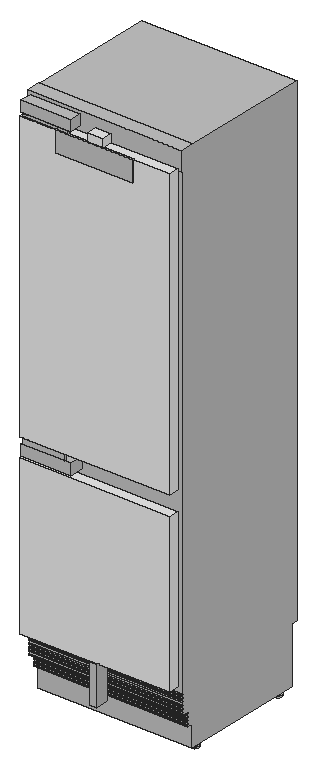
Revit family "FP_Revit_18_RS6121WLUK1_Fridge_90001107A", category Specialty Equipment, Revit 2018 (continued)
Definition of nested family "Handle Contemporary Square - Horizontal"
  Types (7, lengths in mm): name | Handle - Length
    AHD3RS3272A - Contemporary square handle (2 of 2) (Horizontal) 646mm | 646
    AHD3RS80A - Contemporary square handle (2 of 2) (Horizontal) 646mm | 646
    AHD3RD6121W - Contemporary square handle (2 of 2) (Horizontal) 494mm | 494
    AHD3RD7621W - Contemporary square handle (2 of 2) (Horizontal) 646mm | 646
  Reference planes
    plane 1 "Center (Front/Back)": y = 0
    plane 2: z = 0
    plane 3 "Center (Left/Right)": x = 0
    plane 4 "Product LHS": x = -323
    plane 5 "Product RHS": x = 323
    plane 6 "LHS Standoff": x = -202.995
    plane 7 "RHS Standoff": x = 203.005
  Forms (mm)
    Extrusion 1, solid, material <- "Material - Handle", detail levels fine
      sketch origin (0, 0, 0) x (0, 1, 0) y (0, 0, 1)
        loop
          arc (-28.701, 7.561) -> (-29.057, 7.868) -> (-29.514, 7.978) r 1
          line (-29.514, 7.978) -> (-40.5, 7.978)
          arc (-40.5, 7.978) -> (-41.561, 7.539) -> (-42, 6.478) r 1.5
          line (-42, 6.478) -> (-42, -6.522)
          arc (-42, -6.522) -> (-41.561, -7.583) -> (-40.5, -8.022) r 1.5
          line (-40.5, -8.022) -> (-29.487, -8.022)
          arc (-29.487, -8.022) -> (-29.029, -7.911) -> (-28.673, -7.602) r 1
          arc (-28.673, -7.602) -> (-26.256, -0.016) -> (-28.701, 7.561) r 13.038
      from -323 to 323
    Extrusion 2, solid, material <- "Material - Handle", detail levels fine
      sketch origin (0, 0, 0) x (0, 1, 0) y (0, 0, 1)
        loop
          arc (-28.23, 7.062) -> (-26.156, 0.008) -> (-28.198, -7.056) r 13.136
          arc (-28.198, -7.056) -> (-28.21, -7.463) -> (-27.86, -7.67) r 0.4
          line (-27.86, -7.67) -> (0, -7.67) -> (0, 7.678) -> (-27.893, 7.678)
          arc (-27.893, 7.678) -> (-28.244, 7.47) -> (-28.23, 7.062) r 0.4
      from 203.005 to 323
    Extrusion 3, solid, material <- "Material - Handle", detail levels fine
      sketch origin (0, 0, 0) x (0, 1, 0) y (0, 0, -1)
        loop
          arc (-28.23, -7.062) -> (-28.244, -7.47) -> (-27.893, -7.678) r 0.4
          line (-27.893, -7.678) -> (0, -7.678) -> (0, 7.67) -> (-27.86, 7.67)
          arc (-27.86, 7.67) -> (-28.21, 7.463) -> (-28.198, 7.056) r 0.4
          arc (-28.198, 7.056) -> (-26.156, -0.008) -> (-28.23, -7.062) r 13.136
      from 202.995 to 323
    Sweep 4, void
      path in 3D
        loop
          line (323, -29.514, 7.978) -> (323, -40.5, 7.978)
          arc (323, -40.5, 7.978) -> (323, -41.561, 7.539) -> (323, -42, 6.478) r 1.5
          line (323, -42, 6.478) -> (323, -42, -6.522)
          arc (323, -42, -6.522) -> (323, -41.561, -7.583) -> (323, -40.5, -8.022) r 1.5
          line (323, -40.5, -8.022) -> (323, -29.487, -8.022)
      profile origin (323, -35.007, 7.978) x (1, 0, 0) y (0, 0, 1)
        loop
          line (0, 0) -> (-1.3, 0) -> (0, -1.3) -> (0, 0)
    Sweep 5, void
      path in 3D
        loop
          line (-323, -29.487, -8.022) -> (-323, -40.5, -8.022)
          arc (-323, -40.5, -8.022) -> (-323, -41.561, -7.583) -> (-323, -42, -6.522) r 1.5
          line (-323, -42, -6.522) -> (-323, -42, 6.478)
          arc (-323, -42, 6.478) -> (-323, -41.561, 7.539) -> (-323, -40.5, 7.978) r 1.5
          line (-323, -40.5, 7.978) -> (-323, -29.514, 7.978)
      profile origin (-323, -35.007, 7.978) x (-1, 0, 0) y (0, 0, 1)
        loop
          line (0, 0) -> (-1.3, 0) -> (0, -1.3) -> (0, 0)
    Extrusion 6, void
      sketch origin (0, 0, 0) x (1, 0, 0) y (0, 0, 1)
        loop
          line (323, 7.978) -> (321.7, 7.978) -> (323, 6.678) -> (323, 7.978)
        loop
          line (323, -8.022) -> (323, -6.722) -> (321.7, -8.022) -> (323, -8.022)
      from 0 to 40
    Extrusion 7, void
      sketch origin (0, 0, 0) x (1, 0, 0) y (0, 0, 1)
        loop
          line (-323, 7.978) -> (-323, 6.678) -> (-321.7, 7.978) -> (-323, 7.978)
        loop
          line (-323, -8.022) -> (-321.7, -8.022) -> (-323, -6.722) -> (-323, -8.022)
      from 0 to 40
    Extrusion 8, solid, material <- "Material - Handle", detail levels coarse+medium
      sketch origin (0, 0, 0) x (1, 0, 0) y (0, 1, 0)
        loop
          line (-323, -42) -> (323, -42) -> (323, 0) -> (203.005, 0) -> (203.005, -26.156) -> (-202.995, -26.156) -> (-202.995, 0) -> (-323, 0) -> (-323, -42)
      from -8.022 to 7.978
  Cuts and joins
    Sweep 4, Sweep 5, Extrusion 6, Extrusion 7 cuts Extrusion 1
    Extrusion 6 cuts Extrusion 2
    Extrusion 7 cuts Extrusion 3
  Lines and regions (mm)
    sketch lines
      curve 1: line (323, -29.514, 7.978) -> (323, -40.5, 7.978)
      curve 2: arc (323, -42, 6.478) -> (323, -41.561, 7.539) -> (323, -40.5, 7.978) r 1.5
      curve 3: line (323, -42, 6.478) -> (323, -42, -6.522)
      curve 4: arc (323, -40.5, -8.022) -> (323, -41.561, -7.583) -> (323, -42, -6.522) r 1.5
      curve 5: line (323, -40.5, -8.022) -> (323, -29.487, -8.022)
      curve 6: line (-323, -40.5, 7.978) -> (-323, -29.514, 7.978)
      curve 7: arc (-323, -40.5, 7.978) -> (-323, -41.561, 7.539) -> (-323, -42, 6.478) r 1.5
      curve 8: line (-323, -42, -6.522) -> (-323, -42, 6.478)
      curve 9: arc (-323, -42, -6.522) -> (-323, -41.561, -7.583) -> (-323, -40.5, -8.022) r 1.5
      curve 10: line (-323, -29.487, -8.022) -> (-323, -40.5, -8.022)
  Dimensions and locks
    equal spacing: plane 4 "Product LHS", plane 3 "Center (Left/Right)", plane 5 "Product RHS"
    "Handle - Length": plane 4 "Product LHS" to plane 5 "Product RHS"
    locked: plane 4 "Product LHS" to plane 6 "LHS Standoff" at 120.005
    locked: plane 7 "RHS Standoff" to plane 5 "Product RHS" at 119.995
    aligned and locked: level to plane 2
    aligned and locked: Extrusion 1 to plane 5 "Product RHS"
    aligned and locked: plane 4 "Product LHS" to Extrusion 1
    aligned and locked: Extrusion 2 to plane 5 "Product RHS"
    aligned and locked: plane 4 "Product LHS" to Extrusion 3
    aligned and locked: plane 4 "Product LHS" to Extrusion 8 sketch curve
    aligned and locked: Extrusion 8 sketch curve to plane 5 "Product RHS"
    aligned and locked: Extrusion 8 sketch curve to plane 7 "RHS Standoff"
    aligned and locked: plane 6 "LHS Standoff" to Extrusion 8 sketch curve
    aligned and locked: Extrusion 2 to plane 7 "RHS Standoff"
    aligned and locked: plane 6 "LHS Standoff" to Extrusion 3
  Automatic sketch dimensions
    Extrusion 1 sketch curve to level = 6.522 mm
    plane 1 "Center (Front/Back)" to Extrusion 1 sketch curve = 42 mm
    Extrusion 1 sketch curve to Extrusion 1 sketch curve = 1.5 mm  (x2)
    Extrusion 1 sketch curve to level = 0.04 mm
    Extrusion 1 sketch curve to Extrusion 1 sketch curve = 1.206 mm
    level to Extrusion 1 sketch curve = 6.978 mm
    Extrusion 1 sketch curve to Extrusion 1 sketch curve = 10.986 mm
    Extrusion 1 sketch curve to Extrusion 1 sketch curve = 11.013 mm
    Extrusion 1 sketch curve to Extrusion 1 sketch curve = 1 mm
    level to Extrusion 1 sketch curve = 6.478 mm
    Extrusion 1 sketch curve to Extrusion 1 sketch curve = 0 mm
    Extrusion 2 sketch curve to plane 1 "Center (Front/Back)" = 0 mm
    Extrusion 2 sketch curve to level = 7.67 mm
    Extrusion 2 sketch curve to Extrusion 2 sketch curve = 27.86 mm
    level to Extrusion 2 sketch curve = 7.678 mm
    Extrusion 2 sketch curve to Extrusion 2 sketch curve = 0.033 mm
    Extrusion 2 sketch curve to level = 0.022 mm
    Extrusion 2 sketch curve to Extrusion 2 sketch curve = 11.398 mm
    Extrusion 2 sketch curve to Extrusion 2 sketch curve = 0.4 mm  (x2)
    Extrusion 2 sketch curve to Extrusion 2 sketch curve = 0 mm
    Extrusion 3 sketch curve to plane 1 "Center (Front/Back)" = 0 mm
    Extrusion 3 sketch curve to level = 7.67 mm
    Extrusion 3 sketch curve to Extrusion 3 sketch curve = 27.86 mm
    level to Extrusion 3 sketch curve = 7.678 mm
    Extrusion 3 sketch curve to Extrusion 3 sketch curve = 0.033 mm
    Extrusion 3 sketch curve to level = 0.022 mm
    Extrusion 3 sketch curve to Extrusion 3 sketch curve = 11.398 mm
    Extrusion 3 sketch curve to Extrusion 3 sketch curve = 0.4 mm  (x2)
    Extrusion 3 sketch curve to Extrusion 3 sketch curve = 0 mm
    profile plane to Sweep 4 sketch curve = 0 mm
    Sweep 4 sketch curve to profile plane = 0 mm
    Sweep 4 sketch curve to profile plane = 1.3 mm
    profile plane to Sweep 4 sketch curve = 1.3 mm
    Sweep 5 sketch curve to profile plane = 0 mm  (x2)
    profile plane to Sweep 5 sketch curve = 1.3 mm
    Sweep 5 sketch curve to profile plane = 1.3 mm
    plane 5 "Product RHS" to Extrusion 6 sketch curve = 0 mm  (x2)
    Extrusion 6 sketch curve to Extrusion 6 sketch curve = 1.3 mm  (x4)
    Extrusion 6 sketch curve to level = 6.722 mm
    level to Extrusion 6 sketch curve = 6.678 mm
    plane 4 "Product LHS" to Extrusion 7 sketch curve = 0 mm  (x2)
    Extrusion 7 sketch curve to plane 4 "Product LHS" = 1.3 mm  (x2)
    Extrusion 7 sketch curve to level = 8.022 mm
    level to Extrusion 7 sketch curve = 6.678 mm
    Extrusion 7 sketch curve to Extrusion 7 sketch curve = 1.3 mm  (x2)
    plane 1 "Center (Front/Back)" to Extrusion 8 sketch curve = 0 mm  (x2)
    Extrusion 8 sketch curve to Extrusion 8 sketch curve = 26.156 mm
    Extrusion 8 sketch curve to Extrusion 8 sketch curve = 42 mm
Definition of nested family "F&P Handle Kit - Contemporary Square Fine - Horizontal"
  Parameters (values of type "AHD5RD2484W - Contemporary square fine handle (2 of 2) (Horizontal) 494mm")
    URL = "www.fisherpaykel.com"
    Material - Handle = none
    Manufacturer = "Fisher & Paykel Appliances"
    Handle - Length = 494 mm
  Types (15, lengths in mm): name | Handle - Length
    (no name) | 494
    AHD5RD2484W - Contemporary square fine handle (2 of 2) (Horizontal) 494mm | 494
    AHD5RD2484WB - Contemporary square fine black handle (2 of 2) (Horizontal) 494mm | 494
    AHD5RD3084W - Contemporary square fine handle (2 of 2) (Horizontal) 646mm | 646
    AHD5RD3084WB - Contemporary square fine black handle (2 of 2) (Horizontal) 646mm | 646
    AHD5RD7621W - Contemporary square fine handle (2 of 2) (Horizontal) 646mm | 646
    AHD5RD7621WB - Contemporary square fine handle black (2 of 2) (Horizontal) 646mm | 646
    AHD5RD6121W - Contemporary square fine handle (2 of 2) (Horizontal) 494mm | 494
    AHD5RD6121WB - Contemporary square fine handle black (2 of 2) (Horizontal) 494mm | 494
    AHD5RD36A - Contemporary square fine handle (2 of 2) (Horizontal) 746mm | 746
    AHD5RD36AB - Contemporary square fine black handle (2 of 2) (Horizontal) 746mm | 746
    AHD5RD90A - Contemporary square fine handle (2 of 2) (Horizontal) 746mm | 746
    AHD5RD80A - Contemporary square fine handle (2 of 2) (Horizontal) 646mm | 646
    AHD5RD80AB - Contemporary square fine black handle (2 of 2) (Horizontal) 646mm | 646
    AHD5RD90AB - Contemporary square fine black handle (2 of 2) (Horizontal) 746mm | 746
  Reference planes
    plane 1 "Center (Front/Back)": y = 0
    plane 2: z = 0
    plane 3 "Center (Left/Right)": x = 0
    plane 4 "Product LHS": x = -247
    plane 5 "Product RHS": x = 247
    plane 6 "LHS Standoff": x = -126.995
    plane 7 "RHS Standoff": x = 127.005
  Forms (mm)
    Extrusion 1, solid, material <- "Material - Handle", detail levels fine
      sketch origin (0, 0, 0) x (0, 1, 0) y (0, 0, 1)
        loop
          arc (-26.813, 6.16) -> (-27.196, 6.554) -> (-27.728, 6.686) r 1
          line (-27.728, 6.686) -> (-40.035, 6.256)
          arc (-40.035, 6.256) -> (-40.719, 5.951) -> (-41, 5.257) r 1
          line (-41, 5.257) -> (-41, -5.257)
          arc (-41, -5.257) -> (-40.719, -5.951) -> (-40.035, -6.256) r 1
          line (-40.035, -6.256) -> (-27.709, -6.686)
          arc (-27.709, -6.686) -> (-27.175, -6.554) -> (-26.792, -6.158) r 1
          arc (-26.792, -6.158) -> (-25.256, 0.004) -> (-26.813, 6.16) r 13.038
      from -247 to 247
    Extrusion 2, solid, material <- "Material - Handle", detail levels fine
      sketch origin (0, 0, 0) x (0, 1, 0) y (0, 0, 1)
        loop
          arc (-26.626, -6.008) -> (-26.614, -6.49) -> (-26.2, -6.737) r 0.5
          line (-26.2, -6.737) -> (0, -7.696) -> (0, 7.704) -> (-26.174, 6.747)
          arc (-26.174, 6.747) -> (-26.587, 6.5) -> (-26.6, 6.019) r 0.5
          arc (-26.6, 6.019) -> (-25.156, 0.002) -> (-26.626, -6.008) r 13.136
      from 127.005 to 247
    Extrusion 3, solid, material <- "Material - Handle", detail levels coarse+medium
      sketch origin (0, 0, 0) x (1, 0, 0) y (0, 1, 0)
        loop
          line (-247, -42) -> (247, -42) -> (247, 0) -> (127.005, 0) -> (127.005, -26.156) -> (-126.995, -26.156) -> (-126.995, 0) -> (-247, 0) -> (-247, -42)
      from -8.022 to 7.978
    Extrusion 4, solid, material <- "Material - Handle", detail levels fine
      sketch origin (0, 0, 0) x (0, 1, 0) y (0, 0, 1)
        loop
          arc (-26.626, -6.008) -> (-26.614, -6.49) -> (-26.2, -6.737) r 0.5
          line (-26.2, -6.737) -> (0, -7.696) -> (0, 7.704) -> (-26.174, 6.747)
          arc (-26.174, 6.747) -> (-26.587, 6.5) -> (-26.6, 6.019) r 0.5
          arc (-26.6, 6.019) -> (-25.156, 0.002) -> (-26.626, -6.008) r 13.136
      from -247 to -126.995
  Dimensions and locks
    equal spacing: plane 4 "Product LHS", plane 3 "Center (Left/Right)", plane 5 "Product RHS"
    "Handle - Length": plane 4 "Product LHS" to plane 5 "Product RHS"
    locked: plane 4 "Product LHS" to plane 6 "LHS Standoff" at 120.005
    locked: plane 7 "RHS Standoff" to plane 5 "Product RHS" at 119.995
    aligned and locked: level to plane 2
    aligned and locked: Extrusion 1 to plane 5 "Product RHS"
    aligned and locked: plane 4 "Product LHS" to Extrusion 1
    aligned and locked: Extrusion 2 to plane 5 "Product RHS"
    aligned and locked: plane 4 "Product LHS" to Extrusion 3 sketch curve
    aligned and locked: Extrusion 3 sketch curve to plane 5 "Product RHS"
    aligned and locked: Extrusion 3 sketch curve to plane 7 "RHS Standoff"
    aligned and locked: plane 6 "LHS Standoff" to Extrusion 3 sketch curve
    aligned and locked: plane 4 "Product LHS" to Extrusion 4
    aligned and locked: plane 6 "LHS Standoff" to Extrusion 4
    aligned and locked: Extrusion 2 to plane 7 "RHS Standoff"
  Automatic sketch dimensions
    Extrusion 1 sketch curve to level = 5.257 mm
    plane 1 "Center (Front/Back)" to Extrusion 1 sketch curve = 41 mm
    level to Extrusion 1 sketch curve = 6.256 mm
    Extrusion 1 sketch curve to Extrusion 1 sketch curve = 0.965 mm  (x2)
    Extrusion 1 sketch curve to level = 6.256 mm
    Extrusion 1 sketch curve to Extrusion 1 sketch curve = 0.035 mm  (x3)
    Extrusion 1 sketch curve to level = 0.018 mm
    Extrusion 1 sketch curve to Extrusion 1 sketch curve = 1.706 mm
    level to Extrusion 1 sketch curve = 6.686 mm
    Extrusion 1 sketch curve to Extrusion 1 sketch curve = 12.307 mm
    Extrusion 1 sketch curve to level = 6.686 mm
    Extrusion 1 sketch curve to Extrusion 1 sketch curve = 12.326 mm
    Extrusion 1 sketch curve to Extrusion 1 sketch curve = 0.999 mm  (x2)
    Extrusion 1 sketch curve to Extrusion 1 sketch curve = 0 mm
    Extrusion 2 sketch curve to plane 1 "Center (Front/Back)" = 0 mm
    level to Extrusion 2 sketch curve = 6.247 mm
    plane 1 "Center (Front/Back)" to Extrusion 2 sketch curve = 26.155 mm
    level to Extrusion 2 sketch curve = 6.747 mm
    Extrusion 2 sketch curve to Extrusion 2 sketch curve = 0.018 mm  (x2)
    Extrusion 2 sketch curve to level = 6.238 mm
    Extrusion 2 sketch curve to Extrusion 2 sketch curve = 0.026 mm
    Extrusion 2 sketch curve to level = 6.737 mm
    level to Extrusion 2 sketch curve = 0.03 mm
    Extrusion 2 sketch curve to Extrusion 2 sketch curve = 12.11 mm
    Extrusion 2 sketch curve to level = 7.696 mm
    level to Extrusion 2 sketch curve = 7.704 mm
    Extrusion 2 sketch curve to Extrusion 2 sketch curve = 0 mm
    plane 1 "Center (Front/Back)" to Extrusion 3 sketch curve = 42 mm
    Extrusion 3 sketch curve to Extrusion 3 sketch curve = 15.844 mm
    Extrusion 3 sketch curve to Extrusion 3 sketch curve = 26.156 mm  (x2)
    level to Extrusion 4 sketch curve = 0.03 mm
    plane 1 "Center (Front/Back)" to Extrusion 4 sketch curve = 38.291 mm
    Extrusion 4 sketch curve to level = 6.737 mm
    Extrusion 4 sketch curve to Extrusion 4 sketch curve = 12.091 mm
    Extrusion 4 sketch curve to Extrusion 4 sketch curve = 0.018 mm  (x2)
    level to Extrusion 4 sketch curve = 6.747 mm
    Extrusion 4 sketch curve to Extrusion 4 sketch curve = 0.008 mm
    level to Extrusion 4 sketch curve = 7.704 mm
    Extrusion 4 sketch curve to Extrusion 4 sketch curve = 26.174 mm
    Extrusion 4 sketch curve to level = 7.696 mm
    Extrusion 4 sketch curve to Extrusion 4 sketch curve = 0.5 mm  (x2)
    Extrusion 4 sketch curve to Extrusion 4 sketch curve = 0 mm
Definition of nested family "Visibility Control Note 18"
  Types (3): name
    New
    Resolved
    Active
  Reference planes
    plane 1: y = 0
    plane 2: x = 0
  Text (mm)
    text "Edit Type: \nTo control handle kit \nand door panel visibility\n options\n\nDelete unwanted kits \nto reduce file size" at (-0.165, 35.556, 0)
